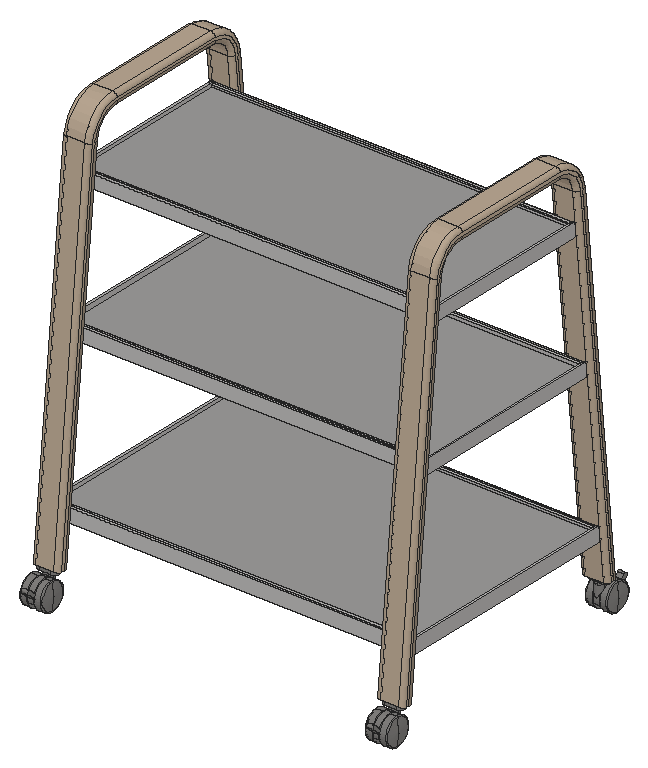
Revit family "Trolley-Teknion-Zones_ZNRT-R2015", category Furniture, Revit 2015
Parameters (values of type "Trolley")
  Wood Frame Finish [instance] = Veneer - Teknion - BS - Natural Beech
  Width = 32"
  Warranty = "http://www.teknion.com/ca/papers/legal-canada"
  URL = "http://www.teknion.com"
  Sustainability Data = "http://www.teknion.com/ca/tools/assets#&asset=444deb64-fe58-4b68-981e-f75e97781df7,b4ff2d81-9f2e-437d-9659-7cffb09c31cf"
  Paint Note [instance] = "Please choose Crisp Grey or Greystone"
  Shelves Liner Note [instance] = "Please choose Lunar Regolith Fine Grain for Crisp Grey OR Volcanic Ash Fine Grain for Greystone"
  Shelves Liner Finish [instance] = Fabric - Teknion - F408 - Fine Grain - Volcanic Ash
  Series = "Zones"
  Product Page URL = "http://www.teknion.com/products/product-details?productLineId=b28c7a6e-8e7a-673b-a6c8-ff64004460c4"
  Product Line = "Zones"
  Product Documentation Link = "http://www.teknion.com/pricing/Zones/pdfs/ZNRT_ppg.pdf"
  Part Number = "ZNRT"
  Paint Finish [instance] = Seamless Paint - Teknion - 25 - Crisp Grey
  Model = "ZNRT3732"
  Manufacturer Phone = "416-661-3370"
  Manufacturer Fax = "416.661.4586"
  Manufacturer Contact Information = "http://www.teknion.com/ca/contactus"
  Manufacturer Address = "1150 Flint Road, Toronto, ON. M3J 2J5. Canada"
  Manufacturer = "Teknion"  # constant formula
  Height = 37"
  Description = "Trolley, 37\"h x 32\"w"
  Depth = 23"
  Assembly Code = "E2020200"
Reference planes (in)
  plane 1 "Center (Front/Back)": y = 0
  plane 2 "Bottom": z = 0
  plane 3 "Center (Left/Right)": x = 0
  plane 4 "Left": x = -16
  plane 5 "Right": x = 16
  plane 6 "Right Feet Center": x = 14.81885
  plane 7 "Left Feet Center": x = -14.81885
  plane 8: x = -13.575
  plane 9: x = 13.575
  plane 10 "Top": z = 37.12133
  plane 11 "Masking": z = 31.44329
  plane 12 "Back": y = 13.60446
  plane 13 "Front": y = -13.60446
Forms (in)
  Sweep 1, solid, material "Veneer - Teknion - BS - Natural Beech" <- "Wood Frame Finish"
    path origin (-16, 0, 0) x (0, 0, -1) y (0, -1, 0)
      loop
        line (-2.87, 11.13127) -> (-34.4012, 7.8172)
        arc (-34.4012, 7.8172) -> (-36.06292, 6.97051) -> (-36.73128, 5.22938) r 2.60208
        line (-36.73128, 5.22938) -> (-36.73128, -5.29313)
        arc (-36.73128, -5.29313) -> (-36.08914, -6.96596) -> (-34.4926, -7.77944) r 2.5
        line (-34.4926, -7.77944) -> (-2.87, -11.10311)
    profile origin (-16, 0.03187, 36.73128) x (0, 0, -1) y (-1, 0, 0)
      loop
        line (-0.00687, -2.36902) -> (0.24508, -2.36902)
        arc (0.24508, -2.36902) -> (0.51577, -2.2569) -> (0.62789, -1.98621) r 0.38281
        line (0.62789, -1.98621) -> (0.62789, -0.39394)
        arc (0.62789, -0.39394) -> (0.51577, -0.12326) -> (0.24508, -0.01113) r 0.38281
        line (0.24508, -0.01113) -> (-0.00697, -0.01113)
        arc (-0.00697, -0.01113) -> (-0.27759, -0.12323) -> (-0.38968, -0.39384) r 0.38271
        line (-0.38968, -0.39384) -> (-0.38968, -1.98621)
        arc (-0.38968, -1.98621) -> (-0.27756, -2.2569) -> (-0.00687, -2.36902) r 0.38281
      loop
        arc (-0.00687, -29.63098) -> (-0.27756, -29.7431) -> (-0.38968, -30.01379) r 0.38281
        line (-0.38968, -30.01379) -> (-0.38968, -31.60616)
        arc (-0.38968, -31.60616) -> (-0.27759, -31.87677) -> (-0.00697, -31.98887) r 0.38271
        line (-0.00697, -31.98887) -> (0.24508, -31.98887)
        arc (0.24508, -31.98887) -> (0.51577, -31.87674) -> (0.62789, -31.60606) r 0.38281
        line (0.62789, -31.60606) -> (0.62789, -30.01379)
        arc (0.62789, -30.01379) -> (0.51577, -29.7431) -> (0.24508, -29.63098) r 0.38281
        line (0.24508, -29.63098) -> (-0.00687, -29.63098)
  Sweep 2, solid, material "Seamless Paint - Teknion - 25 - Crisp Grey" <- "Paint Finish"
    path origin (0, 0, 0) x (1, 0, 0) y (0, 1, 0)
      loop
        line (15.41771, 0) -> (-15.58229, 0)
    profile origin (-0.08229, 0, 0) x (0, -1, 0) y (0, 0, 1)
      loop
        line (6.99132, 31.51454) -> (-6.99132, 31.51454)
        arc (-6.99132, 31.51454) -> (-7.02808, 31.52977) -> (-7.04331, 31.56653) r 0.05199
        line (-7.04331, 31.56653) -> (-7.04331, 31.75837)
        arc (-7.04331, 31.75837) -> (-7.07258, 31.82902) -> (-7.14323, 31.85829) r 0.09992
        line (-7.14323, 31.85829) -> (-7.34028, 31.85829)
        arc (-7.34028, 31.85829) -> (-7.40988, 31.83157) -> (-7.44372, 31.76515) r 0.10401
        line (-7.44372, 31.76515) -> (-7.55796, 30.67829) -> (-7.38849, 30.67829) -> (-7.30809, 31.44329) -> (0.76701, 31.44329) -> (7.30809, 31.44329) -> (7.38849, 30.67829) -> (7.55796, 30.67829) -> (7.44372, 31.76515)
        arc (7.44372, 31.76515) -> (7.40988, 31.83157) -> (7.34028, 31.85829) r 0.10401
        line (7.34028, 31.85829) -> (7.14323, 31.85829)
        arc (7.14323, 31.85829) -> (7.07258, 31.82902) -> (7.04331, 31.75837) r 0.09992
        line (7.04331, 31.75837) -> (7.04331, 31.56653)
        arc (7.04331, 31.56653) -> (7.02808, 31.52977) -> (6.99132, 31.51454) r 0.05199
      loop
        line (8.19339, 20.10879) -> (0, 20.10879) -> (-8.19339, 20.10879)
        arc (-8.19339, 20.10879) -> (-8.23016, 20.12401) -> (-8.24539, 20.16078) r 0.05199
        line (-8.24539, 20.16078) -> (-8.24539, 20.47762)
        arc (-8.24539, 20.47762) -> (-8.27465, 20.54827) -> (-8.3453, 20.57754) r 0.09992
        line (-8.3453, 20.57754) -> (-8.54236, 20.57754)
        arc (-8.54236, 20.57754) -> (-8.61196, 20.55082) -> (-8.6458, 20.4844) r 0.10401
        line (-8.6458, 20.4844) -> (-8.76004, 19.39754) -> (-8.59057, 19.39754) -> (-8.51016, 20.03754) -> (0.76596, 20.03754) -> (8.51016, 20.03754) -> (8.59057, 19.39754) -> (8.76004, 19.39754) -> (8.6458, 20.4844)
        arc (8.6458, 20.4844) -> (8.61196, 20.55082) -> (8.54236, 20.57754) r 0.10401
        line (8.54236, 20.57754) -> (8.3453, 20.57754)
        arc (8.3453, 20.57754) -> (8.27465, 20.54827) -> (8.24539, 20.47762) r 0.09992
        line (8.24539, 20.47762) -> (8.24539, 20.16078)
        arc (8.24539, 20.16078) -> (8.23016, 20.12401) -> (8.19339, 20.10879) r 0.05199
      loop
        line (9.56839, 6.96845) -> (-1.375, 6.96845) -> (-9.56839, 6.96845)
        arc (-9.56839, 6.96845) -> (-9.60516, 6.98368) -> (-9.62039, 7.02044) r 0.05199
        line (-9.62039, 7.02044) -> (-9.62039, 7.24353)
        arc (-9.62039, 7.24353) -> (-9.64965, 7.31418) -> (-9.7203, 7.34345) r 0.09992
        line (-9.7203, 7.34345) -> (-9.91736, 7.34345)
        arc (-9.91736, 7.34345) -> (-9.98696, 7.31673) -> (-10.0208, 7.25031) r 0.10401
        line (-10.0208, 7.25031) -> (-10.1416, 6.10095) -> (-9.97214, 6.10095) -> (-9.88516, 6.92845) -> (0.76596, 6.92845) -> (9.88516, 6.92845) -> (9.97214, 6.10095) -> (10.1416, 6.10095) -> (10.0208, 7.25031)
        arc (10.0208, 7.25031) -> (9.98696, 7.31673) -> (9.91736, 7.34345) r 0.10401
        line (9.91736, 7.34345) -> (9.7203, 7.34345)
        arc (9.7203, 7.34345) -> (9.64965, 7.31418) -> (9.62039, 7.24353) r 0.09992
        line (9.62039, 7.24353) -> (9.62039, 7.02044)
        arc (9.62039, 7.02044) -> (9.60516, 6.98368) -> (9.56839, 6.96845) r 0.05199
  Sweep 3, solid, material "Seamless Paint - Teknion - 25 - Crisp Grey" <- "Paint Finish"
    path origin (0, -12.81658, 0) x (0, 0, 1) y (1, 0, 0)
      loop
        line (20.18324, 15.376) -> (20.18324, 15.511)
    profile origin (15.4435, -12.81658, 20.18324) x (0, 0, -1) y (0, 1, 0)
      loop
        line (-11.67505, 20.15686) -> (-11.67505, 5.47629)
        arc (-11.67505, 5.47629) -> (-11.64833, 5.4067) -> (-11.58191, 5.37285) r 0.10401
        line (-11.58191, 5.37285) -> (-10.49505, 5.25862) -> (-10.49505, 20.37453) -> (-11.58191, 20.2603)
        arc (-11.58191, 20.2603) -> (-11.64833, 20.22646) -> (-11.67505, 20.15686) r 0.10401
      loop
        line (-0.39429, 21.35894) -> (-0.39429, 4.27435)
        arc (-0.39429, 4.27435) -> (-0.36758, 4.20476) -> (-0.30116, 4.17091) r 0.10401
        line (-0.30116, 4.17091) -> (0.78571, 4.05668) -> (0.78571, 21.57661) -> (-0.30116, 21.46238)
        arc (-0.30116, 21.46238) -> (-0.36758, 21.42853) -> (-0.39429, 21.35894) r 0.10401
      loop
        line (12.84362, 22.73434) -> (12.84362, 2.89881)
        arc (12.84362, 2.89881) -> (12.87034, 2.82922) -> (12.93676, 2.79537) r 0.10401
        line (12.93676, 2.79537) -> (14.08229, 2.67497) -> (14.08229, 22.95818) -> (12.93676, 22.83778)
        arc (12.93676, 22.83778) -> (12.87034, 22.80394) -> (12.84362, 22.73434) r 0.10401
  Sweep 4, solid, material "Seamless Paint - Teknion - 25 - Crisp Grey" <- "Paint Finish"
    path origin (0, 0, 0) x (1, 0, 0) y (0, 1, 0)
      loop
        line (-15.60386, 8.3405) -> (-15.35386, 8.3405)
    profile origin (-15.47886, 8.3405, 0) x (0, 1, 0) y (0, 0, 1)
      loop
        line (-1.00022, 31.85829) -> (-15.68078, 31.85829)
        arc (-15.68078, 31.85829) -> (-15.75038, 31.83157) -> (-15.78422, 31.76515) r 0.10401
        line (-15.78422, 31.76515) -> (-15.89846, 30.67829) -> (-0.78254, 30.67829) -> (-0.89678, 31.76515)
        arc (-0.89678, 31.76515) -> (-0.93062, 31.83157) -> (-1.00022, 31.85829) r 0.10401
      loop
        line (-17.10054, 19.39754) -> (0.41954, 19.39754) -> (0.3053, 20.4844)
        arc (0.3053, 20.4844) -> (0.27146, 20.55082) -> (0.20186, 20.57754) r 0.10401
        line (0.20186, 20.57754) -> (-16.88286, 20.57754)
        arc (-16.88286, 20.57754) -> (-16.95246, 20.55082) -> (-16.9863, 20.4844) r 0.10401
        line (-16.9863, 20.4844) -> (-17.10054, 19.39754)
      loop
        line (1.60483, 7.33962) -> (-18.28583, 7.33962)
        arc (-18.28583, 7.33962) -> (-18.3373, 7.30657) -> (-18.3613, 7.25031) r 0.10401
        line (-18.3613, 7.25031) -> (-18.4821, 6.10095) -> (1.8011, 6.10095) -> (1.6803, 7.25031)
        arc (1.6803, 7.25031) -> (1.6563, 7.30657) -> (1.60483, 7.33962) r 0.10401
  Sweep 5, solid, material "Seamless Paint - Teknion - 25 - Crisp Grey" <- "Paint Finish"
    path origin (0, 0, 0) x (1, 0, 0) y (0, 1, 0)
      loop
        line (15.376, 0) -> (-15.35386, 0)
    profile origin (0.01107, 0, 0) x (0, -1, 0) y (0, 0, 1)
      loop
        line (7.09031, 31.4812) -> (7.09031, 31.63005) -> (-7.09991, 31.63005) -> (-7.09991, 31.4812) -> (7.09031, 31.4812)
      loop
        line (-8.29099, 20.08648) -> (8.35174, 20.08648) -> (8.35174, 20.23118) -> (-8.29099, 20.23118) -> (-8.29099, 20.08648)
      loop
        line (-9.67484, 6.95044) -> (9.71208, 6.95044) -> (9.71208, 7.09902) -> (-9.67484, 7.09902) -> (-9.67484, 6.95044)
Lines and regions (in)
  Masking region 1
    outline origin (0, 0, 31.44329) x (-1, 0, 0) y (0, -1, 0)
      loop
        line (13.62213, -10.1416) -> (13.62213, -11.1416)
        arc (13.62213, -11.1416) -> (13.67003, -11.32039) -> (13.80091, -11.45127) r 0.35757
        arc (13.80091, -11.45127) -> (13.7868, -12.21462) -> (13.89266, -12.97073) r 4.8503
        arc (13.89266, -12.97073) -> (13.9198, -13.00642) -> (13.96457, -13.00892) r 0.05351
        line (13.96457, -13.00892) -> (14.54326, -13.00892) -> (14.54326, -13.60446) -> (15.09444, -13.60446) -> (15.09444, -13.00892) -> (15.67313, -13.00892)
        arc (15.67313, -13.00892) -> (15.71791, -13.00642) -> (15.74505, -12.97073) r 0.05351
        arc (15.74505, -12.97073) -> (15.85147, -12.20513) -> (15.83491, -11.43234) r 4.8503
        arc (15.83491, -11.43234) -> (15.94479, -11.30505) -> (15.98433, -11.1416) r 0.35757
        line (15.98433, -11.1416) -> (15.98433, 11.1416)
        arc (15.98433, 11.1416) -> (15.94479, 11.30505) -> (15.83491, 11.43234) r 0.35757
        arc (15.83491, 11.43234) -> (15.85147, 12.20513) -> (15.74505, 12.97073) r 4.8503
        arc (15.74505, 12.97073) -> (15.71791, 13.00642) -> (15.67313, 13.00892) r 0.05351
        line (15.67313, 13.00892) -> (15.09444, 13.00892) -> (15.09444, 13.60446) -> (14.54168, 13.60446) -> (14.54168, 13.01171) -> (13.96457, 13.01171)
        arc (13.96457, 13.01171) -> (13.91874, 13.00998) -> (13.89079, 12.97362) r 0.05398
        arc (13.89079, 12.97362) -> (13.78631, 12.22701) -> (13.79882, 11.47322) r 4.84942
        arc (13.79882, 11.47322) -> (13.63619, 11.34164) -> (13.575, 11.1416) r 0.35757
        line (13.575, 11.1416) -> (13.575, 10.1416) -> (-13.575, 10.1416) -> (-13.575, 11.1416)
        arc (-13.575, 11.1416) -> (-13.63668, 11.34238) -> (-13.80047, 11.47388) r 0.35757
        arc (-13.80047, 11.47388) -> (-13.78804, 12.2285) -> (-13.89288, 12.97591) r 4.84801
        arc (-13.89288, 12.97591) -> (-13.9195, 13.00839) -> (-13.96147, 13.00961) r 0.05062
        line (-13.96147, 13.00961) -> (-14.54168, 13.00961) -> (-14.54168, 13.60446) -> (-15.09444, 13.60446) -> (-15.09444, 13.00892) -> (-15.67313, 13.00892)
        arc (-15.67313, 13.00892) -> (-15.7183, 13.0072) -> (-15.74596, 12.97146) r 0.05339
        arc (-15.74596, 12.97146) -> (-15.85169, 12.21045) -> (-15.83592, 11.4423) r 4.84983
        arc (-15.83592, 11.4423) -> (-15.95631, 11.31288) -> (-16, 11.1416) r 0.35757
        line (-16, 11.1416) -> (-16, -11.1416)
        arc (-16, -11.1416) -> (-15.95631, -11.31288) -> (-15.83592, -11.4423) r 0.35757
        arc (-15.83592, -11.4423) -> (-15.85172, -12.21075) -> (-15.74592, -12.97204) r 4.8499
        arc (-15.74592, -12.97204) -> (-15.71844, -13.008) -> (-15.67324, -13.01018) r 0.05369
        line (-15.67324, -13.01018) -> (-15.09444, -13.01018) -> (-15.09444, -13.60446) -> (-14.54326, -13.60446) -> (-14.54326, -13.01166) -> (-13.96435, -13.01166)
        arc (-13.96435, -13.01166) -> (-13.9187, -13.00989) -> (-13.8908, -12.97373) r 0.05391
        arc (-13.8908, -12.97373) -> (-13.78631, -12.22706) -> (-13.79882, -11.47322) r 4.84943
        arc (-13.79882, -11.47322) -> (-13.63619, -11.34164) -> (-13.575, -11.1416) r 0.35757
        line (-13.575, -11.1416) -> (-13.575, -10.1416) -> (13.62213, -10.1416)
  symbolic lines, style "Trolley"
    curve 1: line (13.575, 10.14819, 31.44329) -> (13.575, -10.13866, 31.44329)
    curve 2: line (-13.575, -10.1416, 31.44329) -> (-13.575, 10.16634, 31.44329)
    curve 3: line (-15.62769, 11.49262, 31.44329) -> (-14.01607, 11.49262, 31.44329)
    curve 6: line (15.62769, -11.49262, 31.44329) -> (14.01607, -11.49262, 31.44329)
    curve 9: line (15.62769, 11.49262, 31.44329) -> (14.01607, 11.49262, 31.44329)
    curve 33: line (-14.01002, -11.49262, 31.44329) -> (-15.62164, -11.49262, 31.44329)
  symbolic lines, style "FurnitureHiddenLines"
    curve 4: arc (-14.01607, 11.49262, 31.44329) -> (-13.9007, 11.47538, 31.44329) -> (-13.79542, 11.42516, 31.44329) r 0.39455
    curve 5: arc (-15.62769, 11.49262, 31.44329) -> (-15.73994, 11.46695, 31.44329) -> (-15.84054, 11.41092, 31.44329) r 0.4077
    curve 7: arc (14.01607, -11.49262, 31.44329) -> (13.9007, -11.47538, 31.44329) -> (13.79542, -11.42516, 31.44329) r 0.39455
    curve 8: arc (15.62769, -11.49262, 31.44329) -> (15.73994, -11.46695, 31.44329) -> (15.84054, -11.41092, 31.44329) r 0.4077
    curve 10: arc (14.01607, 11.49262, 31.44329) -> (13.9007, 11.47538, 31.44329) -> (13.79542, 11.42516, 31.44329) r 0.39455
    curve 11: arc (15.62769, 11.49262, 31.44329) -> (15.73994, 11.46695, 31.44329) -> (15.84054, 11.41092, 31.44329) r 0.4077
    curve 34: arc (-15.62164, -11.49262, 31.44329) -> (-15.737, -11.47538, 31.44329) -> (-15.84228, -11.42516, 31.44329) r 0.39455
    curve 35: arc (-14.01002, -11.49262, 31.44329) -> (-13.89777, -11.46695, 31.44329) -> (-13.79717, -11.41092, 31.44329) r 0.4077
  symbolic lines, style "Trolley", detail levels medium+fine
    curve 12: line (-13.575, 7.38849, 31.44329) -> (13.575, 7.38849, 31.44329)
    curve 13: line (-13.575, 9.5905, 31.44329) -> (13.575, 9.5905, 31.44329)
    curve 14: line (-13.575, -7.5905, 31.44329) -> (13.575, -7.5905, 31.44329)
    curve 15: line (-13.575, -9.5905, 31.44329) -> (13.575, -9.5905, 31.44329)
  symbolic lines, style "FurnitureHiddenLines", detail levels fine
    curve 16: line (13.97212, -10.64666, 31.44329) -> (15.66559, -10.64666, 31.44329)
    curve 17: line (15.84054, -11.41092, 31.44329) -> (15.75805, -10.73912, 31.44329)
    curve 18: arc (15.75805, -10.73912, 31.44329) -> (15.73097, -10.67374, 31.44329) -> (15.66559, -10.64666, 31.44329) r 0.09246
    curve 19: line (13.79542, -11.42516, 31.44329) -> (13.87966, -10.73912, 31.44329)
    curve 20: arc (13.87966, -10.73912, 31.44329) -> (13.90674, -10.67374, 31.44329) -> (13.97212, -10.64666, 31.44329) r 0.09246
    curve 21: line (15.84054, 11.41092, 31.44329) -> (15.75805, 10.73912, 31.44329)
    curve 22: arc (15.75805, 10.73912, 31.44329) -> (15.73097, 10.67374, 31.44329) -> (15.66559, 10.64666, 31.44329) r 0.09246
    curve 23: line (13.79542, 11.42516, 31.44329) -> (13.87966, 10.73912, 31.44329)
    curve 24: arc (13.87966, 10.73912, 31.44329) -> (13.90674, 10.67374, 31.44329) -> (13.97212, 10.64666, 31.44329) r 0.09246
    curve 25: line (-15.84054, 11.41092, 31.44329) -> (-15.75805, 10.73912, 31.44329)
    curve 26: arc (-15.75805, 10.73912, 31.44329) -> (-15.73097, 10.67374, 31.44329) -> (-15.66559, 10.64666, 31.44329) r 0.09246
    curve 27: line (-13.79542, 11.42516, 31.44329) -> (-13.87966, 10.73912, 31.44329)
    curve 28: arc (-13.87966, 10.73912, 31.44329) -> (-13.90674, 10.67374, 31.44329) -> (-13.97212, 10.64666, 31.44329) r 0.09246
    curve 31: line (13.97212, 10.64666, 31.44329) -> (15.66559, 10.64666, 31.44329)
    curve 32: line (-15.66559, 10.64666, 31.44329) -> (-13.97212, 10.64666, 31.44329)
    curve 36: line (-15.66559, -10.64666, 31.44329) -> (-13.97212, -10.64666, 31.44329)
    curve 37: line (-13.79717, -11.41092, 31.44329) -> (-13.87966, -10.73912, 31.44329)
    curve 38: arc (-13.87966, -10.73912, 31.44329) -> (-13.90674, -10.67374, 31.44329) -> (-13.97212, -10.64666, 31.44329) r 0.09246
    curve 39: line (-15.84228, -11.42516, 31.44329) -> (-15.75805, -10.73912, 31.44329)
    curve 40: arc (-15.75805, -10.73912, 31.44329) -> (-15.73097, -10.67374, 31.44329) -> (-15.66559, -10.64666, 31.44329) r 0.09246
  symbolic lines, style "Trolley", detail levels fine
    curve 29: line (-13.575, -8.7155, 31.44329) -> (13.575, -8.7155, 31.44329)
    curve 30: line (-13.575, 8.76004, 31.44329) -> (13.575, 8.76004, 31.44329)
Dimensions and locks (in)
  locked: plane 4 "Left" to plane 7 "Left Feet Center" at 1.18115
  locked: plane 6 "Right Feet Center" to plane 5 "Right" at 1.18115
  locked: nested 1 to plane 2 "Bottom" at 2.86814
  locked: nested 3 to plane 2 "Bottom" at 2.86814
  locked: nested 2 to plane 2 "Bottom" at 2.86814
  locked: nested 4 to plane 2 "Bottom" at 2.86814
  "Width": plane 4 "Left" to plane 5 "Right"
  locked: plane 4 "Left" to plane 8 at 2.425
  locked: plane 9 to plane 5 "Right" at 2.425
  equal spacing: plane 8, plane 3 "Center (Left/Right)", plane 9
  Sweep 1 sketch curve to plane 1 "Center (Front/Back)" to Sweep 1 sketch curve = 5.22938" locked, 5.29313" locked
  Sweep 3 sketch curve to Sweep 3 sketch curve to plane 9 = 0.135" locked, 1.801" locked
  Sweep 3 sketch curve to Sweep 3 sketch curve to Sweep 3 sketch curve to Sweep 3 sketch curve = 11.28075" locked, 12.05792" locked, 1.23867"
  Sweep 3 sketch curve to plane 1 "Center (Front/Back)" to Sweep 3 sketch curve = 7.44372" locked, 8.76004" locked
  equal spacing: Sweep 2 sketch curve, plane 3 "Center (Left/Right)", Sweep 2 sketch curve
  locked: plane 1 "Center (Front/Back)" to Sweep 4 sketch curve at 8.3405
  plane 4 "Left" to Sweep 4 sketch curve to Sweep 4 sketch curve = 0.39614" locked, 1/4" locked
  equal spacing: nested 3, plane 1 "Center (Front/Back)", nested 4, locked at 11.318 each
  nested 1 to plane 1 "Center (Front/Back)" to nested 2 = 11.34782" locked, 11.318" locked
  Sweep 1 sketch curve to Sweep 1 sketch curve to plane 3 "Center (Left/Right)" to Sweep 1 sketch curve to Sweep 1 sketch curve = 2.35789" locked, 13.63098" locked, 13.63098" locked, 2.35789" locked
  locked: Sweep 1 sketch curve to Sweep 1 sketch curve at 1.01757
  Sweep 2 sketch curve to plane 3 "Center (Left/Right)" to Sweep 2 sketch curve = 15.58229" locked, 15.41771" locked
  locked: plane 10 "Top" to level at 37.12133
  locked: plane 10 "Top" to Sweep 1 sketch curve at 1.01794
  Masking region 1 sketch curve to Masking region 1 sketch curve to Masking region 1 sketch curve to plane 3 "Center (Left/Right)" to Masking region 1 sketch curve to Masking region 1 sketch curve to Masking region 1 sketch curve = 1.44265" locked, 0.74077" locked, 13.80091" locked, 14.54168" locked, 0.55277" locked, 0.57869" locked
  Masking region 1 sketch curve to Masking region 1 sketch curve to plane 1 "Center (Front/Back)" to Masking region 1 sketch curve to Masking region 1 sketch curve to Masking region 1 sketch curve = 0" locked, 13.00892" locked, 10.1416" locked, 2.86732" locked, 0.59554" locked
  curve 15 to curve 14 to plane 1 "Center (Front/Back)" to curve 13 = 2" locked, 7.5905" locked, 9.5905" locked
  curve 5 to nested 1 to nested 2 to plane 3 "Center (Left/Right)" to nested 4 to nested 3 = 1.45827" locked, 0.57869" locked, 13.96457" locked, 14.81885" locked, 0.27559" locked
  Sweep 2 sketch curve to Sweep 2 sketch curve to Sweep 2 sketch curve to Sweep 2 sketch curve to Sweep 2 sketch curve to Sweep 2 sketch curve to Sweep 2 sketch curve to level = 0.07125", 11.28251", 0.12324", 13.01709" locked, 0" locked, 0.09199", 6.92845"
  Sweep 2 sketch curve to Sweep 2 sketch curve to Sweep 2 sketch curve to plane 1 "Center (Front/Back)" to Sweep 2 sketch curve to Sweep 2 sketch curve = 2.57708" locked, 0.26478" locked, 7.04331" locked, 8.51016" locked, 1.11022" locked
  locked: plane 10 "Top" to plane 11 "Masking" at 5.67804
  locked: curve 29 to plane 1 "Center (Front/Back)" at 8.7155
  locked: plane 1 "Center (Front/Back)" to curve 30 at 8.76004
  Sweep 5 sketch curve to Sweep 5 sketch curve to plane 11 "Masking" to Sweep 5 sketch curve to Sweep 5 sketch curve to Sweep 5 sketch curve to Sweep 5 sketch curve = 0.14885", 0.03792" locked, 11.21211" locked, 0.1447" locked, 12.98746" locked, 0.14857" locked
  Sweep 5 sketch curve to Sweep 5 sketch curve to plane 1 "Center (Front/Back)" to Sweep 5 sketch curve to Sweep 5 sketch curve to Sweep 5 sketch curve = 2.57493" locked, 7.09991" locked, 7.09031" locked, 1.26143" locked, 1.36033" locked
  plane 1 "Center (Front/Back)" to curve 31 to curve 32 to curve 24 to curve 22 to curve 28 to curve 26 to curve 21 to curve 25 to curve 23 to curve 27 to curve 11 to curve 10 to curve 4 to curve 5 = 10.64666" locked, 0" locked, 0.09246" locked, 0" locked, 0" locked, 0" locked, 0.67179" locked, 0" locked, 0.01424" locked, 0" locked, 0.06746" locked, 0" locked, 0" locked, 0" locked
  curve 23 to curve 31 to curve 10 to plane 6 "Right Feet Center" to curve 11 to curve 31 to curve 22 to curve 21 = 0.17669" locked, 0.04395" locked, 0.80279" locked, 0.80884" locked, 0.0379" locked, 0.09246" locked, 0.08249" locked
  curve 17 to curve 18 to curve 18 to curve 8 to plane 6 "Right Feet Center" to curve 7 to curve 20 to curve 20 to curve 19 = 0.08249" locked, 0.09246" locked, 0.0379" locked, 0.80884" locked, 0.80279" locked, 0.04395" locked, 0.09246" locked, 0.08423" locked
  curve 8 to curve 7 to curve 19 to curve 17 to curve 18 to curve 20 to plane 1 "Center (Front/Back)" = 0" locked, 0.06746" locked, 0.01424" locked, 0.67179" locked, 0" locked, 10.73912" locked
  equal spacing: plane 1 "Center (Front/Back)", Masking region 1 sketch curve, Masking region 1 sketch curve, Masking region 1 sketch curve
  equal spacing: Masking region 1 sketch curve, Masking region 1 sketch curve, Masking region 1 sketch curve, plane 1 "Center (Front/Back)"
  Masking region 1 sketch curve to plane 7 "Left Feet Center" to Masking region 1 sketch curve to Masking region 1 sketch curve = 0.85428" locked, 0.27718" locked, 0.5771" locked
  equal spacing: Masking region 1 sketch curve, plane 6 "Right Feet Center", Masking region 1 sketch curve, Masking region 1 sketch curve
  Masking region 1 sketch curve to Masking region 1 sketch curve to plane 7 "Left Feet Center" to Masking region 1 sketch curve = 0.57869" locked, 0.27559" locked, 0.85428" locked
  curve 37 to curve 38 to curve 38 to curve 35 to curve 34 to curve 40 to curve 40 to curve 39 = 0.08249" locked, 0.09246" locked, 0.0379" locked, 1.61162" locked, 0.04395" locked, 0.09246" locked, 0.08423" locked
  curve 35 to curve 34 to curve 39 to curve 37 to curve 38 to curve 40 to plane 1 "Center (Front/Back)" = 0" locked, 0.06746" locked, 0.01424" locked, 0.67179" locked, 0" locked, 10.73912" locked
  equal spacing: plane 12 "Back", plane 1 "Center (Front/Back)", plane 13 "Front"
  locked: plane 12 "Back" to plane 13 "Front" at 27.20892
  aligned and locked: level to plane 2 "Bottom"
  aligned and locked: plane 7 "Left Feet Center" to nested 1
  aligned and locked: nested 2 to plane 7 "Left Feet Center"
  aligned and locked: nested 3 to plane 6 "Right Feet Center"
  aligned and locked: plane 6 "Right Feet Center" to nested 4
  aligned and locked: Sweep 2 sketch curve to plane 1 "Center (Front/Back)"
  aligned and locked: Sweep 4 sketch curve to Sweep 2  (x6)
  aligned and locked: Sweep 4 sketch curve to Sweep 3  (x3)
  aligned and locked: plane 11 "Masking" to Sweep 2
  aligned and locked: Sweep 2 to curve 12
  aligned and locked: Sweep 5 sketch curve to plane 1 "Center (Front/Back)"
  aligned and locked: Sweep 5 sketch curve to Sweep 3
  aligned and locked: Sweep 4 to Sweep 5 sketch curve
  aligned and locked: curve 2 to plane 8
  aligned and locked: plane 9 to curve 1
  aligned and locked: plane 9 to Masking region 1  (x2)
  aligned and locked: Masking region 1 to plane 8
  aligned and locked: plane 5 "Right" to Masking region 1
  aligned and locked: Masking region 1 to nested 2  (x2)
  aligned and locked: nested 1 to Masking region 1
  aligned and locked: Masking region 1 to nested 3
  aligned and locked: Masking region 1 to nested 4
Automatic sketch dimensions
  Sweep 3 sketch curve to Sweep 3 sketch curve = 1.07599"  (x2)
  Sweep 3 sketch curve to Sweep 3 sketch curve = 0.01087"  (x6)
  Sweep 3 sketch curve to Sweep 3 sketch curve = 0.10401"
  profile plane to Sweep 3 sketch curve = 0.39429"
  Sweep 3 sketch curve to Sweep 3 sketch curve = 0.09314"  (x4)
  Sweep 3 sketch curve to Sweep 3 sketch curve = 0.1204"  (x2)
  Sweep 3 sketch curve to Sweep 3 sketch curve = 0.11423"  (x3)
  Sweep 3 sketch curve to Sweep 3 sketch curve = 1.41975"
  Sweep 3 sketch curve to Sweep 3 sketch curve = 0.21767"
  Sweep 3 sketch curve to Sweep 3 sketch curve = 1.15773"
  Sweep 3 sketch curve to Sweep 3 sketch curve = 0"  (x3)
  profile plane to Sweep 3 sketch curve = 4.27435"
  profile plane to Sweep 3 sketch curve = 2.89881"
  Sweep 3 sketch curve to plane 10 "Top" = 16.93809"
  Masking region 1 sketch curve to Masking region 1 sketch curve = 0.02074"
  Masking region 1 sketch curve to plane 5 "Right" = 0.30651"
  Masking region 1 sketch curve to plane 5 "Right" = 0"
  plane 5 "Right" to Masking region 1 sketch curve = 2.6269"
  Masking region 1 sketch curve to Masking region 1 sketch curve = 0.02026"
  Masking region 1 sketch curve to Masking region 1 sketch curve = 0.35757"  (x6)
  plane 6 "Right Feet Center" to Masking region 1 sketch curve = 0.27559"
  Masking region 1 sketch curve to plane 6 "Right Feet Center" = 0.27559"
  Masking region 1 sketch curve to plane 9 = 0.35757"  (x2)
  Masking region 1 sketch curve to plane 9 = 0.38935"
  Masking region 1 sketch curve to Masking region 1 sketch curve = 0.01966"
  Masking region 1 sketch curve to Masking region 1 sketch curve = 0.02093"
  Masking region 1 sketch curve to plane 9 = 0"  (x2)
  plane 9 to Masking region 1 sketch curve = 2.56477"
  Masking region 1 sketch curve to plane 8 = 2.56557"  (x2)
  plane 8 to Masking region 1 sketch curve = 0"
  plane 8 to Masking region 1 sketch curve = 0.04713"
  Masking region 1 sketch curve to Masking region 1 sketch curve = 0.02107"
  Masking region 1 sketch curve to Masking region 1 sketch curve = 0.01967"  (x3)
  Masking region 1 sketch curve to plane 7 "Left Feet Center" = 0.27559"
  plane 7 "Left Feet Center" to Masking region 1 sketch curve = 0.27559"
  plane 4 "Left" to Masking region 1 sketch curve = 2.62828"
  plane 4 "Left" to Masking region 1 sketch curve = 2.62665"
  Masking region 1 sketch curve to Masking region 1 sketch curve = 0.04972"
  Masking region 1 sketch curve to Masking region 1 sketch curve = 0.04976"  (x3)
  Masking region 1 sketch curve to Masking region 1 sketch curve = 0.04968"
  Masking region 1 sketch curve to Masking region 1 sketch curve = 1.03688"
  Masking region 1 sketch curve to Masking region 1 sketch curve = 1.03605"
  Masking region 1 sketch curve to Masking region 1 sketch curve = 1.04169"
  Masking region 1 sketch curve to Masking region 1 sketch curve = 1.04845"
  Masking region 1 sketch curve to Masking region 1 sketch curve = 1"  (x4)
  Masking region 1 sketch curve to Masking region 1 sketch curve = 0"  (x9)
  Masking region 1 sketch curve to Masking region 1 sketch curve = 1.81756"
  Masking region 1 sketch curve to Masking region 1 sketch curve = 1.86732"
  Masking region 1 sketch curve to Masking region 1 sketch curve = 0.78406"
  Masking region 1 sketch curve to Masking region 1 sketch curve = 0.78918"
  Masking region 1 sketch curve to Masking region 1 sketch curve = 0.78068"
  Masking region 1 sketch curve to Masking region 1 sketch curve = 0.78871"
  Masking region 1 sketch curve to Masking region 1 sketch curve = 0.04597"
  Masking region 1 sketch curve to Masking region 1 sketch curve = 0.0492"
  Masking region 1 sketch curve to Masking region 1 sketch curve = 0.04691"
  Masking region 1 sketch curve to Masking region 1 sketch curve = 0.59486"
  plane 8 to Masking region 1 sketch curve = 0.22382"
  plane 5 "Right" to Masking region 1 sketch curve = 2.62666"
  plane 9 to Masking region 1 sketch curve = 2.56481"
  Masking region 1 sketch curve to Masking region 1 sketch curve = 0.5928"
  Masking region 1 sketch curve to Masking region 1 sketch curve = 0.00148"
  Masking region 1 sketch curve to Masking region 1 sketch curve = 0.00068"
  Masking region 1 sketch curve to Masking region 1 sketch curve = 0.59554"
  Masking region 1 sketch curve to Masking region 1 sketch curve = 0.00278"
  Masking region 1 sketch curve to Masking region 1 sketch curve = 0.59276"
  Masking region 1 sketch curve to plane 9 = 0.38648"
  Masking region 1 sketch curve to Masking region 1 sketch curve = 2.82041"
  Sweep 1 sketch curve to plane 10 "Top" = 0.39005"
  Sweep 1 sketch curve to plane 10 "Top" = 2.62872"
  Sweep 1 sketch curve to plane 10 "Top" = 2.72013"
  Sweep 1 sketch curve to Sweep 1 sketch curve = 2 1/2"
  Sweep 1 sketch curve to Sweep 1 sketch curve = 2.60208"
  level to Sweep 1 sketch curve = 2.87"  (x2)
  Sweep 1 sketch curve to plane 1 "Center (Front/Back)" = 11.10311"
  plane 1 "Center (Front/Back)" to Sweep 1 sketch curve = 11.13127"
  profile plane to Sweep 1 sketch curve = 0.38968"
  profile plane to Sweep 1 sketch curve = 0.00697"  (x2)
  profile plane to Sweep 1 sketch curve = 0.00687"  (x2)
  Sweep 1 sketch curve to profile plane = 0.24508"  (x4)
  Sweep 1 sketch curve to Sweep 1 sketch curve = 49/128"
  Sweep 2 sketch curve to profile plane = 0"
  Sweep 2 sketch curve to Sweep 2 sketch curve = 0.09992"  (x6)
  Sweep 2 sketch curve to Sweep 2 sketch curve = 0.26478"  (x2)
  Sweep 2 sketch curve to Sweep 2 sketch curve = 0.19706"  (x6)
  Sweep 2 sketch curve to Sweep 2 sketch curve = 0.08697"  (x2)
  level to Sweep 2 sketch curve = 7.25031"  (x2)
  Sweep 2 sketch curve to Sweep 2 sketch curve = 0.10344"  (x6)
  Sweep 2 sketch curve to Sweep 2 sketch curve = 0.16947"  (x6)
  Sweep 2 sketch curve to Sweep 2 sketch curve = 0.05199"  (x5)
  Sweep 2 sketch curve to Sweep 2 sketch curve = 0.24987"
  Sweep 2 sketch curve to Sweep 2 sketch curve = 0.13564"
  profile plane to Sweep 2 sketch curve = 7.55796"
  Sweep 2 sketch curve to Sweep 2 sketch curve = 0.11423"
  Sweep 2 sketch curve to Sweep 2 sketch curve = 0.0322"
  profile plane to Sweep 2 sketch curve = 1 3/8"
  Sweep 2 sketch curve to profile plane = 0.76596"  (x2)
  Sweep 2 sketch curve to profile plane = 0.76701"
  Sweep 2 sketch curve to Sweep 2 sketch curve = 0.0804"  (x2)
  Sweep 2 sketch curve to Sweep 2 sketch curve = 7.42743"
  Sweep 2 sketch curve to Sweep 2 sketch curve = 0.31677"
  Sweep 2 sketch curve to Sweep 2 sketch curve = 0.8275"  (x2)
  Sweep 2 sketch curve to Sweep 2 sketch curve = 0.01087"  (x2)
  Sweep 2 sketch curve to Sweep 2 sketch curve = 0.64"  (x2)
  Sweep 2 sketch curve to Sweep 2 sketch curve = 0.31275"  (x2)
  Sweep 2 sketch curve to Sweep 2 sketch curve = 0.00409"  (x3)
  Sweep 2 sketch curve to Sweep 2 sketch curve = 0.765"  (x2)
  Sweep 2 sketch curve to Sweep 2 sketch curve = 0.31099"  (x2)
  Sweep 2 sketch curve to Sweep 2 sketch curve = 0.19184"
  Sweep 4 sketch curve to Sweep 4 sketch curve = 0.02796"
  level to Sweep 4 sketch curve = 7.25031"
  Sweep 4 sketch curve to Sweep 4 sketch curve = 0.1208"  (x2)
  Sweep 4 sketch curve to Sweep 4 sketch curve = 0.21767"  (x2)
  Sweep 4 sketch curve to Sweep 4 sketch curve = 0.10344"  (x5)
  Sweep 4 sketch curve to profile plane = 0.20186"
  Sweep 4 sketch curve to profile plane = 0.41954"
  Sweep 4 sketch curve to Sweep 4 sketch curve = 1.08686"
  Sweep 4 sketch curve to Sweep 4 sketch curve = 0.10401"
  curve 18 to curve 8 = 0.07176"
  curve 22 to curve 11 = 0.07176"
  plane 8 to curve 27 = 0.22043"
  plane 8 to curve 37 = 0.22218"
  plane 8 to curve 27 = 0.30466"
  curve 28 to curve 4 = 0.04395"
  curve 38 to curve 35 = 0.07176"
  curve 5 to plane 4 "Left" = 0.40617"
  curve 3 to plane 4 "Left" = 0.37231"
  curve 26 to plane 4 "Left" = 0.33441"
  curve 2 to curve 13 = 0.57584"
  curve 1 to curve 13 = 0.55769"
  curve 15 to curve 1 = 0.54816"
  curve 15 to curve 2 = 0.5511"
  profile plane to Sweep 5 sketch curve = 8.29099"
Nested families (in)
  nested 1: "Caster-Easel-Teknion-Zones_ZNAE-R2013" at (16.36367, 0.07041, 0), type "Casters"
  nested 2: "Caster-Easel-Teknion-Zones_ZNAE-R2013" at (16.36367, -0.10022, 0), type "Casters"
  nested 3: "Caster-Easel-Teknion-Zones_ZNAE-R2013" at (-16.36367, 0.10022, 0) x (-1, 0, 0) z (0, 0, 1), type "Casters"
  nested 4: "Caster-Easel-Teknion-Zones_ZNAE-R2013" at (-16.36367, -0.10022, 0) x (-1, 0, 0) z (0, 0, 1), type "Casters"
Definition of nested family "Caster-Easel-Teknion-Zones_ZNAE-R2013"
  Parameters (values of type "Casters")
    Description = "Caster"
    Assembly Code = "E"
  Reference planes (in)
    plane 1 "Center (Front/Back)": y = 0
    plane 2: z = 0
    plane 3 "Center (Left/Right)": x = 0
    plane 4 "Wheel Axle": z = 1.18113
    plane 5 "Left Center of Wheel": x = -31.18252
  Forms (in)
    Revolve 1, solid
      sketch origin (-0.0625, -11.92802, 0) x (1, 0, 0) y (0, 0, 1)
        loop
          line (-30.82613, 1.18113) -> (-30.82613, 0) -> (-30.26574, 0)
          arc (-30.26574, 0) -> (-30.21404, 0.01811) -> (-30.18594, 0.06512) r 0.08042
          arc (-30.18594, 0.06512) -> (-30.10583, 0.62056) -> (-30.07945, 1.18113) r 5.83429
          line (-30.07945, 1.18113) -> (-30.26574, 1.18113) -> (-30.82613, 1.18113)
        loop
          line (-31.41668, 1.18113) -> (-31.97706, 1.18113) -> (-32.16335, 1.18113)
          arc (-32.16335, 1.18113) -> (-32.13698, 0.62056) -> (-32.05687, 0.06512) r 5.83429
          arc (-32.05687, 0.06512) -> (-32.02876, 0.01811) -> (-31.97706, 0) r 0.08042
          line (-31.97706, 0) -> (-31.41668, 0) -> (-31.41668, 1.18113)
        axis (-32.16335, 1.18113) -> (-30.07945, 1.18113)
      angle from 0 to 360
    Sweep 2, solid
      path origin (-0.06112, 0, 0) x (1, 0, 0) y (0, 0, 1)
        loop
          line (-31.39699, 0.78743) -> (-30.84581, 0.78743)
      profile origin (-31.18252, 0, 0.78743) x (0, 0, 1) y (0, -1, 0)
        loop
          arc (0, 10.81446) -> (1.57413, 11.92802) -> (0, 13.04157) r 1.18093
          line (0, 13.04157) -> (0, 10.81446)
    Revolve 3, solid
      sketch origin (0, -11.14318, 0) x (1, 0, 0) y (0, 0, 1)
        loop
          line (-31.57188, 2.36223) -> (-31.57188, 1.18113) -> (-31.18252, 1.18113) -> (-31.18252, 2.55908) -> (-31.57188, 2.55908) -> (-31.57188, 2.36223)
        axis (-31.18252, 2.55908) -> (-31.18252, 1.18113)
      angle from 0 to 360
    Sweep 4, solid
      path origin (0, 0, 0) x (0, 1, 0) y (0, 0, 1)
        loop
          line (0.78484, 2.55908) -> (0.78484, 2.86814)
      profile origin (0, 0.78484, 2.71361) x (0, -1, 0) y (1, 0, 0)
        loop
          arc (11.54022, -31.68282) -> (11.92802, -32.07061) -> (12.31581, -31.68282) r 0.3878
          line (12.31581, -31.68282) -> (12.31581, -30.68223)
          arc (12.31581, -30.68223) -> (11.92802, -30.29443) -> (11.54022, -30.68223) r 0.3878
          line (11.54022, -30.68223) -> (11.54022, -31.68282)
    Revolve 5, void
      sketch origin (0, -11.17802, 0) x (1, 0, 0) y (0, 0, 1)
        loop
          line (-31.18252, 2.9517) -> (-31.18252, 0.78743) -> (-31.03472, 0.78743) -> (-31.03472, 2.9517) -> (-31.18252, 2.9517)
        axis (-31.18252, 2.9517) -> (-31.18252, 0.78743)
      angle from 0 to 360
    Sweep 6, solid
      path origin (0, 0, 0) x (1, 0, 0) y (0, 1, 0)
        loop
          line (-31.45811, -12.26359) -> (-30.90693, -12.26359)
      profile origin (-31.18252, -12.26359, 0) x (0, 1, 0) y (0, 0, 1)
        loop
          line (-0.4873, 1.34669) -> (-1.18363, 2.04302)
          arc (-1.18363, 2.04302) -> (-1.39407, 2.04302) -> (-1.39407, 1.83259) r 0.1488
          line (-1.39407, 1.83259) -> (-0.72494, 1.16347) -> (-0.4873, 1.34669)
  Cuts and joins
    Revolve 5 cuts Sweep 2
    Revolve 5 cuts Revolve 3
    joined: Sweep 2, Revolve 3
    Revolve 5 cuts Sweep 4
    joined: Revolve 1, Sweep 4
  Lines and regions (in)
    Masking region 1
      outline origin (0, 0, 1.18113) x (-1, 0, 0) y (0, -1, 0)
        loop
          arc (32.0368, 10.74689) -> (32.08745, 10.76242) -> (32.11529, 10.8075) r 0.07519
          arc (32.11529, 10.8075) -> (32.22372, 11.92702) -> (32.11529, 13.04653) r 5.83351
          arc (32.11529, 13.04653) -> (32.08755, 13.09226) -> (32.0368, 13.10915) r 0.07754
          line (32.0368, 13.10915) -> (30.32824, 13.10915)
          arc (30.32824, 13.10915) -> (30.27749, 13.09226) -> (30.24976, 13.04653) r 0.07754
          arc (30.24976, 13.04653) -> (30.14133, 11.92702) -> (30.24976, 10.8075) r 5.83351
          arc (30.24976, 10.8075) -> (30.27759, 10.76242) -> (30.32824, 10.74689) r 0.07519
          line (30.32824, 10.74689) -> (32.0368, 10.74689)
    symbolic lines, detail levels fine
      curve 1: line (-32.0368, -10.74689, 1.18113) -> (-32.0368, -13.10915, 1.18113)
      curve 2: line (-30.32824, -10.74689, 1.18113) -> (-30.32824, -13.10915, 1.18113)
    symbolic lines, detail levels medium+fine
      curve 3: line (-31.45811, -13.10895, 1.18113) -> (-31.45811, -10.74708, 1.18113)
      curve 4: line (-30.90693, -10.74708, 1.18113) -> (-30.90693, -13.10895, 1.18113)
  Dimensions and locks (in)
    locked: plane 4 "Wheel Axle" to Revolve 5 sketch curve at 0.3937
    locked: plane 4 "Wheel Axle" to plane 2 at 1.18113
    Masking region 1 sketch curve to Masking region 1 sketch curve to Masking region 1 sketch curve to Masking region 1 sketch curve to Masking region 1 sketch curve to Masking region 1 sketch curve to plane 1 "Center (Front/Back)" = 0" locked, 1.10463" locked, 0" locked, 1.10508" locked, 0" locked, 10.82193" locked
    plane 5 "Left Center of Wheel" to Masking region 1 sketch curve to Masking region 1 sketch curve to Masking region 1 sketch curve = 0.85667" locked, 0.0023" locked, 3.93334" locked
    Masking region 1 sketch curve to Masking region 1 sketch curve to Masking region 1 sketch curve to plane 5 "Left Center of Wheel" = 3.93334" locked, 0.0023" locked, 0.85667" locked
    Masking region 1 sketch curve to Masking region 1 sketch curve to plane 1 "Center (Front/Back)" = 2.36226" locked, 10.74689" locked
    locked: curve 1 to plane 5 "Left Center of Wheel" at 0.85428
    locked: plane 5 "Left Center of Wheel" to curve 2 at 0.85428
    locked: curve 3 to plane 5 "Left Center of Wheel" at 0.27559
    locked: plane 5 "Left Center of Wheel" to curve 4 at 0.27559
    Sweep 6 sketch curve to plane 5 "Left Center of Wheel" to Sweep 6 sketch curve = 0.27559", 0.27559" locked
    locked: Sweep 6 sketch curve to plane 1 "Center (Front/Back)" at 12.26359
    aligned and locked: plane 2 to level
    aligned and locked: Revolve 1 sketch curve to plane 4 "Wheel Axle"
    aligned and locked: Revolve 3 sketch curve to Revolve 3 sketch curve  (x2)
    aligned and locked: Revolve 5 sketch curve to plane 5 "Left Center of Wheel"
    aligned and locked: Revolve 5 sketch curve to Revolve 5 sketch curve  (x2)
